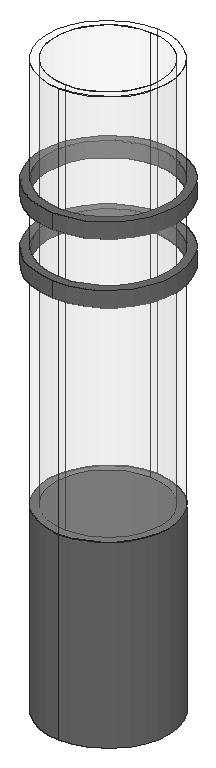
Revit family
Parameters (values of type "100 w")
  Wattage Comments = "100"
  Wattage = 12.1178 W
  built-in parameter 1150110 = 1 (stored number, unit not read)
  built-in parameter 1114217 = 1 (stored number, unit not read)
  built-in parameter 1150109 = 1 (stored number, unit not read)
  built-in parameter 1150134 = 3
  built-in parameter 1150113 = 1 (stored number, unit not read)
  Placement Hieght = 1700 mm
  Material Shade Rings = Metal - Stainless Steel - Polished
  Material Glazed Shade = Glass - Frosted Lighting
  built-in parameter 1150105 = 143.24 (stored number, unit not read)
  Lumens = 1800 lm
  built-in parameter 1150115 = 1 (stored number, unit not read)
  Light Source Symbol Size = 609.6 mm
  built-in parameter 1150137 = (empty or 0)
  built-in parameter 1150139 = (empty or 0)
  built-in parameter 1150112 = 1 (stored number, unit not read)
  built-in parameter 1150114 = 1 (stored number, unit not read)
  Keynote = "V"
  built-in parameter 1150132 = 2
  built-in parameter 1150102 = (empty or 0)
  built-in parameter 1150107 = 3200 (stored number, unit not read)
  built-in parameter 1150138 = (empty or 0)
  built-in parameter 1150106 = 1.4324 (stored number, unit not read)
  built-in parameter 1150104 = 13.8 (stored number, unit not read)
  Dimming Lamp Color Temperature Shift = (empty or 0)
  Color Filter = 16777215
  built-in parameter 1114218 = 1 (stored number, unit not read)
  built-in parameter 1150133 = 10 (stored number, unit not read)
Reference planes
  plane 1: y = 0
  plane 2 "Light Source Axis (F/B)": y = 139.7
  plane 3 "Light Source Axis (L/R)": x = -36.356
  plane 4 "Light Source Elevation": z = 1395.2
  plane 5: z = 1217.4
  plane 6: z = 1369.8
  plane 7: z = 1700
  plane 8: z = 1598.4
  plane 9: z = 1611.1
Forms (mm)
  Extrusion 1, solid, material "Metal - Stainless Steel - Polished" <- "Material Shade Rings"
    sketch origin (0, 0, 1395.2) x (0, 1, 0) y (-1, 0, 0)
      loop
        circle (139.7, 36.356) r 50.8
    from -177.8 to -25.4
  Extrusion 2, solid, material "Glass - Frosted Lighting" <- "Material Glazed Shade"
    sketch origin (0, 0, 1369.8) x (0, 1, 0) y (-1, 0, 0)
      loop
        circle (139.7, 36.356) r 50.8
      loop
        circle (139.7, 36.356) r 44.45
    from 0 to 330.2
  Extrusion 3, solid, material "Metal - Stainless Steel - Polished" <- "Material Shade Rings"
    sketch origin (0, 0, 1369.8) x (0, 1, 0) y (-1, 0, 0)
      loop
        circle (139.7, 36.356) r 57.15
      loop
        circle (139.7, 36.356) r 50.8
    from 190.5 to 177.8
  Extrusion 4, solid, material "Metal - Stainless Steel - Polished" <- "Material Shade Rings"
    sketch origin (114.629, 76.614, 1941.125) x (0, 1, 0) y (-1, 0, 0)
      loop
        circle (63.086, 150.984) r 57.15
      loop
        circle (63.086, 150.984) r 50.8
    from -330.025 to -342.725
Lines and regions (mm)
  model lines, style "InvisibleLines"
    curve 1: line (-36.356, 139.7, 1217.4) -> (-36.356, 139.7, 0)
Text (mm)
  text "Placement Side" at (0, 1019.848, 3124.603), in view "Right"
  text "Placement Side" at (-1224.896, 723.012, 0), in view "Ref. Level"
  text "Placement Side" at (0, 1206.291, 2907.819), in view "Left"
Dimensions and locks
  host wall to plane 2 "Light Source Axis (F/B)" = 63.5 mm
  locked: plane 5 to plane 6 at 152.4
  plane 5 to plane 4 "Light Source Elevation" = 177.8 mm
  plane 5 to plane 7 = 482.6 mm
  "Placement Hieght": level to plane 7
  locked: plane 8 to plane 7 at 101.6
  locked: plane 8 to plane 9 at 12.7
  aligned and locked: Extrusion 1 to plane 6
  aligned and locked: plane 5 to Extrusion 1
  aligned and locked: plane 8 to Extrusion 4
  aligned and locked: plane 9 to Extrusion 4
  aligned and locked: plane 3 "Light Source Axis (L/R)" to imposter light
  aligned and locked: plane 2 "Light Source Axis (F/B)" to imposter light
  aligned and locked: plane 4 "Light Source Elevation" to imposter light
Automatic sketch dimensions
  curve 1 to plane 3 "Light Source Axis (L/R)" = 0 mm
  curve 1 to plane 5 = 0 mm
  curve 1 to level = 0 mm
  Extrusion 1 sketch curve to plane 2 "Light Source Axis (F/B)" = 0 mm
  Extrusion 1 sketch curve to plane 3 "Light Source Axis (L/R)" = 0 mm
  Extrusion 2 sketch curve to plane 2 "Light Source Axis (F/B)" = 0 mm  (x2)
  Extrusion 2 sketch curve to plane 3 "Light Source Axis (L/R)" = 0 mm  (x2)
  Extrusion 3 sketch curve to plane 2 "Light Source Axis (F/B)" = 0 mm  (x2)
  Extrusion 3 sketch curve to plane 3 "Light Source Axis (L/R)" = 0 mm  (x2)
  Extrusion 4 sketch curve to plane 2 "Light Source Axis (F/B)" = 0 mm  (x2)
  Extrusion 4 sketch curve to plane 3 "Light Source Axis (L/R)" = 0 mm  (x2)
  radius of Extrusion 1 sketch curve = 50.8 mm
  radius of Extrusion 2 sketch curve = 50.8 mm
  radius of Extrusion 2 sketch curve = 44.45 mm
  radius of Extrusion 3 sketch curve = 57.15 mm
  radius of Extrusion 3 sketch curve = 50.8 mm
  radius of Extrusion 4 sketch curve = 57.15 mm
  radius of Extrusion 4 sketch curve = 50.8 mm
